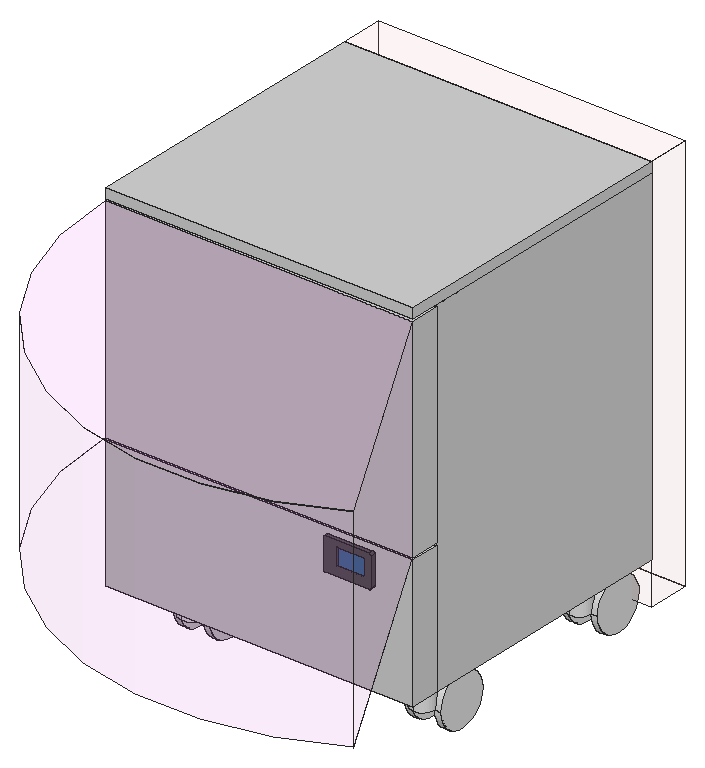
Revit family "Normann_ENTRY_ETR5A-R290", category Attrezzature speciali, Revit 2021 (continued)
Definition of nested family "Griglia_Entry_Lit"
  Lines and regions (mm)
    model lines, detail levels medium+fine
      curve 540: line (410.283, -186.002, 0) -> (410.283, -192.002, 0)
      curve 541: line (380.283, -194.602, 0) -> (410.283, -194.602, 0)
      curve 542: line (380.283, -200.602, 0) -> (380.283, -194.602, 0)
      curve 543: line (410.283, -200.602, 0) -> (380.283, -200.602, 0)
      curve 544: line (410.283, -194.602, 0) -> (410.283, -200.602, 0)
      curve 545: line (380.283, -203.202, 0) -> (410.283, -203.202, 0)
      curve 546: line (380.283, -209.202, 0) -> (380.283, -203.202, 0)
      curve 547: line (410.283, -209.202, 0) -> (380.283, -209.202, 0)
      curve 548: line (410.283, -203.202, 0) -> (410.283, -209.202, 0)
      curve 549: line (380.283, -211.802, 0) -> (410.283, -211.802, 0)
      curve 550: line (380.283, -217.802, 0) -> (380.283, -211.802, 0)
      curve 551: line (410.283, -217.802, 0) -> (380.283, -217.802, 0)
      curve 552: line (410.283, -211.802, 0) -> (410.283, -217.802, 0)
      curve 553: line (380.283, -220.402, 0) -> (410.283, -220.402, 0)
      curve 554: line (380.283, -226.402, 0) -> (380.283, -220.402, 0)
      curve 555: line (410.283, -226.402, 0) -> (380.283, -226.402, 0)
      curve 556: line (410.283, -220.402, 0) -> (410.283, -226.402, 0)
      curve 557: line (380.283, -229.002, 0) -> (410.283, -229.002, 0)
      curve 558: line (380.283, -235.002, 0) -> (380.283, -229.002, 0)
      curve 559: line (410.283, -235.002, 0) -> (380.283, -235.002, 0)
      curve 560: line (410.283, -229.002, 0) -> (410.283, -235.002, 0)
      curve 561: line (380.283, -237.602, 0) -> (410.283, -237.602, 0)
      curve 562: line (380.283, -243.602, 0) -> (380.283, -237.602, 0)
      curve 563: line (410.283, -243.602, 0) -> (380.283, -243.602, 0)
      curve 564: line (410.283, -237.602, 0) -> (410.283, -243.602, 0)
      curve 565: line (380.283, -246.202, 0) -> (410.283, -246.202, 0)
      curve 566: line (380.283, -252.202, 0) -> (380.283, -246.202, 0)
      curve 567: line (410.283, -252.202, 0) -> (380.283, -252.202, 0)
      curve 568: line (410.283, -246.202, 0) -> (410.283, -252.202, 0)
      curve 569: line (380.283, -254.802, 0) -> (410.283, -254.802, 0)
      curve 570: line (380.283, -260.802, 0) -> (380.283, -254.802, 0)
      curve 571: line (410.283, -260.802, 0) -> (380.283, -260.802, 0)
      curve 572: line (410.283, -254.802, 0) -> (410.283, -260.802, 0)
      curve 573: line (455.883, -134.402, 0) -> (485.883, -134.402, 0)
      curve 574: line (455.883, -140.402, 0) -> (455.883, -134.402, 0)
      curve 575: line (485.883, -140.402, 0) -> (455.883, -140.402, 0)
      curve 576: line (485.883, -134.402, 0) -> (485.883, -140.402, 0)
      curve 577: line (455.883, -143.002, 0) -> (485.883, -143.002, 0)
      curve 578: line (455.883, -149.002, 0) -> (455.883, -143.002, 0)
      curve 579: line (485.883, -149.002, 0) -> (455.883, -149.002, 0)
      curve 580: line (485.883, -143.002, 0) -> (485.883, -149.002, 0)
      curve 581: line (455.883, -151.602, 0) -> (485.883, -151.602, 0)
      curve 582: line (455.883, -157.602, 0) -> (455.883, -151.602, 0)
      curve 583: line (485.883, -157.602, 0) -> (455.883, -157.602, 0)
      curve 584: line (485.883, -151.602, 0) -> (485.883, -157.602, 0)
      curve 585: line (455.883, -160.202, 0) -> (485.883, -160.202, 0)
      curve 586: line (455.883, -166.202, 0) -> (455.883, -160.202, 0)
      curve 587: line (485.883, -166.202, 0) -> (455.883, -166.202, 0)
      curve 588: line (485.883, -160.202, 0) -> (485.883, -166.202, 0)
      curve 589: line (455.883, -168.802, 0) -> (485.883, -168.802, 0)
      curve 590: line (455.883, -174.802, 0) -> (455.883, -168.802, 0)
      curve 591: line (485.883, -174.802, 0) -> (455.883, -174.802, 0)
      curve 592: line (485.883, -168.802, 0) -> (485.883, -174.802, 0)
      curve 593: line (455.883, -177.402, 0) -> (485.883, -177.402, 0)
      curve 594: line (455.883, -183.402, 0) -> (455.883, -177.402, 0)
      curve 595: line (485.883, -183.402, 0) -> (455.883, -183.402, 0)
      curve 596: line (485.883, -177.402, 0) -> (485.883, -183.402, 0)
      curve 597: line (455.883, -186.002, 0) -> (485.883, -186.002, 0)
      curve 598: line (455.883, -192.002, 0) -> (455.883, -186.002, 0)
      curve 599: line (485.883, -192.002, 0) -> (455.883, -192.002, 0)
      curve 600: line (485.883, -186.002, 0) -> (485.883, -192.002, 0)
      curve 601: line (455.883, -194.602, 0) -> (485.883, -194.602, 0)
      curve 602: line (455.883, -200.602, 0) -> (455.883, -194.602, 0)
      curve 603: line (485.883, -200.602, 0) -> (455.883, -200.602, 0)
      curve 604: line (485.883, -194.602, 0) -> (485.883, -200.602, 0)
      curve 605: line (455.883, -203.202, 0) -> (485.883, -203.202, 0)
      curve 606: line (455.883, -209.202, 0) -> (455.883, -203.202, 0)
      curve 607: line (485.883, -209.202, 0) -> (455.883, -209.202, 0)
      curve 608: line (485.883, -203.202, 0) -> (485.883, -209.202, 0)
      curve 609: line (455.883, -211.802, 0) -> (485.883, -211.802, 0)
      curve 610: line (455.883, -217.802, 0) -> (455.883, -211.802, 0)
      curve 611: line (485.883, -217.802, 0) -> (455.883, -217.802, 0)
      curve 612: line (485.883, -211.802, 0) -> (485.883, -217.802, 0)
      curve 613: line (455.883, -220.402, 0) -> (485.883, -220.402, 0)
      curve 614: line (455.883, -226.402, 0) -> (455.883, -220.402, 0)
      curve 615: line (485.883, -226.402, 0) -> (455.883, -226.402, 0)
      curve 616: line (485.883, -220.402, 0) -> (485.883, -226.402, 0)
      curve 617: line (455.883, -229.002, 0) -> (485.883, -229.002, 0)
      curve 618: line (455.883, -235.002, 0) -> (455.883, -229.002, 0)
      curve 619: line (485.883, -235.002, 0) -> (455.883, -235.002, 0)
      curve 620: line (485.883, -229.002, 0) -> (485.883, -235.002, 0)
      curve 621: line (455.883, -237.602, 0) -> (485.883, -237.602, 0)
      curve 622: line (455.883, -243.602, 0) -> (455.883, -237.602, 0)
      curve 623: line (485.883, -243.602, 0) -> (455.883, -243.602, 0)
      curve 624: line (485.883, -237.602, 0) -> (485.883, -243.602, 0)
      curve 625: line (455.883, -246.202, 0) -> (485.883, -246.202, 0)
      curve 626: line (455.883, -252.202, 0) -> (455.883, -246.202, 0)
      curve 627: line (485.883, -252.202, 0) -> (455.883, -252.202, 0)
      curve 628: line (485.883, -246.202, 0) -> (485.883, -252.202, 0)
      curve 629: line (455.883, -254.802, 0) -> (485.883, -254.802, 0)
      curve 630: line (455.883, -260.802, 0) -> (455.883, -254.802, 0)
      curve 631: line (485.883, -260.802, 0) -> (455.883, -260.802, 0)
      curve 632: line (485.883, -254.802, 0) -> (485.883, -260.802, 0)
      curve 633: line (530.883, -134.402, 0) -> (560.883, -134.402, 0)
      curve 634: line (530.883, -140.402, 0) -> (530.883, -134.402, 0)
      curve 635: line (560.883, -140.402, 0) -> (530.883, -140.402, 0)
      curve 636: line (560.883, -134.402, 0) -> (560.883, -140.402, 0)
      curve 637: line (530.883, -143.002, 0) -> (560.883, -143.002, 0)
      curve 638: line (530.883, -149.002, 0) -> (530.883, -143.002, 0)
      curve 639: line (560.883, -149.002, 0) -> (530.883, -149.002, 0)
      curve 640: line (560.883, -143.002, 0) -> (560.883, -149.002, 0)
      curve 641: line (530.883, -151.602, 0) -> (560.883, -151.602, 0)
      curve 642: line (530.883, -157.602, 0) -> (530.883, -151.602, 0)
      curve 643: line (560.883, -157.602, 0) -> (530.883, -157.602, 0)
      curve 644: line (560.883, -151.602, 0) -> (560.883, -157.602, 0)
      curve 645: line (530.883, -160.202, 0) -> (560.883, -160.202, 0)
      curve 646: line (530.883, -166.202, 0) -> (530.883, -160.202, 0)
      curve 647: line (560.883, -166.202, 0) -> (530.883, -166.202, 0)
      curve 648: line (560.883, -160.202, 0) -> (560.883, -166.202, 0)
      curve 649: line (530.883, -168.802, 0) -> (560.883, -168.802, 0)
      curve 650: line (530.883, -174.802, 0) -> (530.883, -168.802, 0)
      curve 651: line (560.883, -174.802, 0) -> (530.883, -174.802, 0)
      curve 652: line (560.883, -168.802, 0) -> (560.883, -174.802, 0)
      curve 653: line (530.883, -177.402, 0) -> (560.883, -177.402, 0)
      curve 654: line (530.883, -183.402, 0) -> (530.883, -177.402, 0)
      curve 655: line (560.883, -183.402, 0) -> (530.883, -183.402, 0)
      curve 656: line (560.883, -177.402, 0) -> (560.883, -183.402, 0)
      curve 657: line (530.883, -186.002, 0) -> (560.883, -186.002, 0)
      curve 658: line (530.883, -192.002, 0) -> (530.883, -186.002, 0)
      curve 659: line (560.883, -192.002, 0) -> (530.883, -192.002, 0)
      curve 660: line (560.883, -186.002, 0) -> (560.883, -192.002, 0)
      curve 661: line (530.883, -194.602, 0) -> (560.883, -194.602, 0)
      curve 662: line (530.883, -200.602, 0) -> (530.883, -194.602, 0)
      curve 663: line (560.883, -200.602, 0) -> (530.883, -200.602, 0)
      curve 664: line (560.883, -194.602, 0) -> (560.883, -200.602, 0)
      curve 665: line (530.883, -203.202, 0) -> (560.883, -203.202, 0)
      curve 666: line (530.883, -209.202, 0) -> (530.883, -203.202, 0)
      curve 667: line (560.883, -209.202, 0) -> (530.883, -209.202, 0)
      curve 668: line (560.883, -203.202, 0) -> (560.883, -209.202, 0)
      curve 669: line (530.883, -211.802, 0) -> (560.883, -211.802, 0)
      curve 670: line (530.883, -217.802, 0) -> (530.883, -211.802, 0)
      curve 671: line (560.883, -217.802, 0) -> (530.883, -217.802, 0)
      curve 672: line (560.883, -211.802, 0) -> (560.883, -217.802, 0)
      curve 673: line (530.883, -220.402, 0) -> (560.883, -220.402, 0)
      curve 674: line (530.883, -226.402, 0) -> (530.883, -220.402, 0)
      curve 675: line (560.883, -226.402, 0) -> (530.883, -226.402, 0)
      curve 676: line (560.883, -220.402, 0) -> (560.883, -226.402, 0)
      curve 677: line (530.883, -229.002, 0) -> (560.883, -229.002, 0)
      curve 678: line (530.883, -235.002, 0) -> (530.883, -229.002, 0)
      curve 679: line (560.883, -235.002, 0) -> (530.883, -235.002, 0)
      curve 680: line (560.883, -229.002, 0) -> (560.883, -235.002, 0)
      curve 681: line (530.883, -237.602, 0) -> (560.883, -237.602, 0)
      curve 682: line (530.883, -243.602, 0) -> (530.883, -237.602, 0)
      curve 683: line (560.883, -243.602, 0) -> (530.883, -243.602, 0)
      curve 684: line (560.883, -237.602, 0) -> (560.883, -243.602, 0)
      curve 685: line (530.883, -246.202, 0) -> (560.883, -246.202, 0)
      curve 686: line (530.883, -252.202, 0) -> (530.883, -246.202, 0)
      curve 687: line (560.883, -252.202, 0) -> (530.883, -252.202, 0)
      curve 688: line (560.883, -246.202, 0) -> (560.883, -252.202, 0)
      curve 689: line (530.883, -254.802, 0) -> (560.883, -254.802, 0)
      curve 690: line (530.883, -260.802, 0) -> (530.883, -254.802, 0)
      curve 691: line (560.883, -260.802, 0) -> (530.883, -260.802, 0)
      curve 692: line (560.883, -254.802, 0) -> (560.883, -260.802, 0)
      curve 693: line (605.883, -134.402, 0) -> (635.883, -134.402, 0)
      curve 694: line (605.883, -140.402, 0) -> (605.883, -134.402, 0)
      curve 695: line (635.883, -140.402, 0) -> (605.883, -140.402, 0)
      curve 696: line (635.883, -134.402, 0) -> (635.883, -140.402, 0)
      curve 697: line (605.883, -143.002, 0) -> (635.883, -143.002, 0)
      curve 698: line (605.883, -149.002, 0) -> (605.883, -143.002, 0)
      curve 699: line (635.883, -149.002, 0) -> (605.883, -149.002, 0)
      curve 700: line (635.883, -143.002, 0) -> (635.883, -149.002, 0)
      curve 701: line (605.883, -151.602, 0) -> (635.883, -151.602, 0)
      curve 702: line (605.883, -157.602, 0) -> (605.883, -151.602, 0)
      curve 703: line (635.883, -157.602, 0) -> (605.883, -157.602, 0)
      curve 704: line (635.883, -151.602, 0) -> (635.883, -157.602, 0)
      curve 705: line (605.883, -160.202, 0) -> (635.883, -160.202, 0)
      curve 706: line (605.883, -166.202, 0) -> (605.883, -160.202, 0)
      curve 707: line (635.883, -166.202, 0) -> (605.883, -166.202, 0)
      curve 708: line (635.883, -160.202, 0) -> (635.883, -166.202, 0)
      curve 709: line (605.883, -168.802, 0) -> (635.883, -168.802, 0)
      curve 710: line (605.883, -174.802, 0) -> (605.883, -168.802, 0)
      curve 711: line (635.883, -174.802, 0) -> (605.883, -174.802, 0)
      curve 712: line (635.883, -168.802, 0) -> (635.883, -174.802, 0)
      curve 713: line (605.883, -177.402, 0) -> (635.883, -177.402, 0)
      curve 714: line (605.883, -183.402, 0) -> (605.883, -177.402, 0)
      curve 715: line (635.883, -183.402, 0) -> (605.883, -183.402, 0)
      curve 716: line (635.883, -177.402, 0) -> (635.883, -183.402, 0)
      curve 717: line (605.883, -186.002, 0) -> (635.883, -186.002, 0)
      curve 718: line (605.883, -192.002, 0) -> (605.883, -186.002, 0)
      curve 719: line (635.883, -192.002, 0) -> (605.883, -192.002, 0)
      curve 720: line (635.883, -186.002, 0) -> (635.883, -192.002, 0)
      curve 721: line (605.883, -194.602, 0) -> (635.883, -194.602, 0)
      curve 722: line (605.883, -200.602, 0) -> (605.883, -194.602, 0)
      curve 723: line (635.883, -200.602, 0) -> (605.883, -200.602, 0)
      curve 724: line (635.883, -194.602, 0) -> (635.883, -200.602, 0)
      curve 725: line (605.883, -203.202, 0) -> (635.883, -203.202, 0)
      curve 726: line (605.883, -209.202, 0) -> (605.883, -203.202, 0)
      curve 727: line (635.883, -209.202, 0) -> (605.883, -209.202, 0)
      curve 728: line (635.883, -203.202, 0) -> (635.883, -209.202, 0)
      curve 729: line (605.883, -211.802, 0) -> (635.883, -211.802, 0)
      curve 730: line (605.883, -217.802, 0) -> (605.883, -211.802, 0)
      curve 731: line (635.883, -217.802, 0) -> (605.883, -217.802, 0)
      curve 732: line (635.883, -211.802, 0) -> (635.883, -217.802, 0)
      curve 733: line (605.883, -220.402, 0) -> (635.883, -220.402, 0)
      curve 734: line (605.883, -226.402, 0) -> (605.883, -220.402, 0)
      curve 735: line (635.883, -226.402, 0) -> (605.883, -226.402, 0)
      curve 736: line (635.883, -220.402, 0) -> (635.883, -226.402, 0)
      curve 737: line (605.883, -229.002, 0) -> (635.883, -229.002, 0)
      curve 738: line (605.883, -235.002, 0) -> (605.883, -229.002, 0)
      curve 739: line (635.883, -235.002, 0) -> (605.883, -235.002, 0)
      curve 740: line (635.883, -229.002, 0) -> (635.883, -235.002, 0)
      curve 741: line (605.883, -237.602, 0) -> (635.883, -237.602, 0)
      curve 742: line (605.883, -243.602, 0) -> (605.883, -237.602, 0)
      curve 743: line (635.883, -243.602, 0) -> (605.883, -243.602, 0)
      curve 744: line (635.883, -237.602, 0) -> (635.883, -243.602, 0)
      curve 745: line (605.883, -246.202, 0) -> (635.883, -246.202, 0)
      curve 746: line (605.883, -252.202, 0) -> (605.883, -246.202, 0)
      curve 747: line (635.883, -252.202, 0) -> (605.883, -252.202, 0)
      curve 748: line (635.883, -246.202, 0) -> (635.883, -252.202, 0)
      curve 749: line (605.883, -254.802, 0) -> (635.883, -254.802, 0)
      curve 750: line (605.883, -260.802, 0) -> (605.883, -254.802, 0)
      curve 751: line (635.883, -260.802, 0) -> (605.883, -260.802, 0)
      curve 752: line (635.883, -254.802, 0) -> (635.883, -260.802, 0)
      curve 753: line (194.683, -57.762, 0) -> (194.683, -27.762, 0)
      curve 754: line (200.683, -57.762, 0) -> (194.683, -57.762, 0)
      curve 755: line (200.683, -27.762, 0) -> (200.683, -57.762, 0)
      curve 756: line (194.683, -27.762, 0) -> (200.683, -27.762, 0)
      curve 757: line (194.683, -90.842, 0) -> (194.683, -60.842, 0)
      curve 758: line (200.683, -90.842, 0) -> (194.683, -90.842, 0)
      curve 759: line (200.683, -60.842, 0) -> (200.683, -90.842, 0)
      curve 760: line (194.683, -60.842, 0) -> (200.683, -60.842, 0)
      curve 761: line (194.683, -123.922, 0) -> (194.683, -93.922, 0)
      curve 762: line (200.683, -123.922, 0) -> (194.683, -123.922, 0)
      curve 763: line (200.683, -93.922, 0) -> (200.683, -123.922, 0)
      curve 764: line (194.683, -93.922, 0) -> (200.683, -93.922, 0)
      curve 765: line (194.683, -157.002, 0) -> (194.683, -127.002, 0)
      curve 766: line (200.683, -157.002, 0) -> (194.683, -157.002, 0)
      curve 767: line (200.683, -127.002, 0) -> (200.683, -157.002, 0)
      curve 768: line (194.683, -127.002, 0) -> (200.683, -127.002, 0)
      curve 769: line (194.683, -190.082, 0) -> (194.683, -160.082, 0)
      curve 770: line (200.683, -190.082, 0) -> (194.683, -190.082, 0)
      curve 771: line (200.683, -160.082, 0) -> (200.683, -190.082, 0)
      curve 772: line (194.683, -160.082, 0) -> (200.683, -160.082, 0)
      curve 773: line (194.683, -223.162, 0) -> (194.683, -193.162, 0)
      curve 774: line (200.683, -223.162, 0) -> (194.683, -223.162, 0)
      curve 775: line (200.683, -193.162, 0) -> (200.683, -223.162, 0)
      curve 776: line (194.683, -193.162, 0) -> (200.683, -193.162, 0)
      curve 777: line (194.683, -256.242, 0) -> (194.683, -226.242, 0)
      curve 778: line (200.683, -256.242, 0) -> (194.683, -256.242, 0)
      curve 779: line (200.683, -226.242, 0) -> (200.683, -256.242, 0)
      curve 780: line (194.683, -226.242, 0) -> (200.683, -226.242, 0)
      curve 781: line (136.326, -57.762, 0) -> (136.326, -27.762, 0)
      curve 782: line (142.326, -57.762, 0) -> (136.326, -57.762, 0)
      curve 783: line (142.326, -27.762, 0) -> (142.326, -57.762, 0)
      curve 784: line (136.326, -27.762, 0) -> (142.326, -27.762, 0)
      curve 785: line (136.326, -90.842, 0) -> (136.326, -60.842, 0)
      curve 786: line (142.326, -90.842, 0) -> (136.326, -90.842, 0)
      curve 787: line (142.326, -60.842, 0) -> (142.326, -90.842, 0)
      curve 788: line (136.326, -60.842, 0) -> (142.326, -60.842, 0)
      curve 789: line (136.326, -123.922, 0) -> (136.326, -93.922, 0)
      curve 790: line (142.326, -123.922, 0) -> (136.326, -123.922, 0)
      curve 791: line (142.326, -93.922, 0) -> (142.326, -123.922, 0)
      curve 792: line (136.326, -93.922, 0) -> (142.326, -93.922, 0)
      curve 793: line (136.326, -157.002, 0) -> (136.326, -127.002, 0)
      curve 794: line (142.326, -157.002, 0) -> (136.326, -157.002, 0)
      curve 795: line (142.326, -127.002, 0) -> (142.326, -157.002, 0)
      curve 796: line (136.326, -127.002, 0) -> (142.326, -127.002, 0)
      curve 797: line (136.326, -190.082, 0) -> (136.326, -160.082, 0)
      curve 798: line (142.326, -190.082, 0) -> (136.326, -190.082, 0)
      curve 799: line (142.326, -160.082, 0) -> (142.326, -190.082, 0)
      curve 800: line (136.326, -160.082, 0) -> (142.326, -160.082, 0)
      curve 801: line (136.326, -223.162, 0) -> (136.326, -193.162, 0)
      curve 802: line (142.326, -223.162, 0) -> (136.326, -223.162, 0)
      curve 803: line (142.326, -193.162, 0) -> (142.326, -223.162, 0)
      curve 804: line (136.326, -193.162, 0) -> (142.326, -193.162, 0)
      curve 805: line (136.326, -256.242, 0) -> (136.326, -226.242, 0)
      curve 806: line (142.326, -256.242, 0) -> (136.326, -256.242, 0)
      curve 807: line (142.326, -226.242, 0) -> (142.326, -256.242, 0)
      curve 808: line (136.326, -226.242, 0) -> (142.326, -226.242, 0)
      curve 809: line (203.283, -57.762, 0) -> (203.283, -27.762, 0)
      curve 810: line (209.283, -57.762, 0) -> (203.283, -57.762, 0)
      curve 811: line (209.283, -27.762, 0) -> (209.283, -57.762, 0)
      curve 812: line (203.283, -27.762, 0) -> (209.283, -27.762, 0)
      curve 813: line (203.283, -90.842, 0) -> (203.283, -60.842, 0)
      curve 814: line (209.283, -90.842, 0) -> (203.283, -90.842, 0)
      curve 815: line (209.283, -60.842, 0) -> (209.283, -90.842, 0)
      curve 816: line (203.283, -60.842, 0) -> (209.283, -60.842, 0)
      curve 817: line (203.283, -123.922, 0) -> (203.283, -93.922, 0)
      curve 818: line (209.283, -123.922, 0) -> (203.283, -123.922, 0)
      curve 819: line (209.283, -93.922, 0) -> (209.283, -123.922, 0)
      curve 820: line (203.283, -93.922, 0) -> (209.283, -93.922, 0)
      curve 821: line (203.283, -157.002, 0) -> (203.283, -127.002, 0)
      curve 822: line (209.283, -157.002, 0) -> (203.283, -157.002, 0)
      curve 823: line (209.283, -127.002, 0) -> (209.283, -157.002, 0)
      curve 824: line (203.283, -127.002, 0) -> (209.283, -127.002, 0)
      curve 825: line (203.283, -190.082, 0) -> (203.283, -160.082, 0)
      curve 826: line (209.283, -190.082, 0) -> (203.283, -190.082, 0)
      curve 827: line (209.283, -160.082, 0) -> (209.283, -190.082, 0)
      curve 828: line (203.283, -160.082, 0) -> (209.283, -160.082, 0)
      curve 829: line (203.283, -223.162, 0) -> (203.283, -193.162, 0)
      curve 830: line (209.283, -223.162, 0) -> (203.283, -223.162, 0)
      curve 831: line (209.283, -193.162, 0) -> (209.283, -223.162, 0)
      curve 832: line (203.283, -193.162, 0) -> (209.283, -193.162, 0)
      curve 833: line (203.283, -256.242, 0) -> (203.283, -226.242, 0)
      curve 834: line (209.283, -256.242, 0) -> (203.283, -256.242, 0)
      curve 835: line (209.283, -226.242, 0) -> (209.283, -256.242, 0)
      curve 836: line (203.283, -226.242, 0) -> (209.283, -226.242, 0)
      curve 837: line (211.883, -57.762, 0) -> (211.883, -27.762, 0)
      curve 838: line (217.883, -57.762, 0) -> (211.883, -57.762, 0)
      curve 839: line (217.883, -27.762, 0) -> (217.883, -57.762, 0)
      curve 840: line (211.883, -27.762, 0) -> (217.883, -27.762, 0)
      curve 841: line (211.883, -90.842, 0) -> (211.883, -60.842, 0)
      curve 842: line (217.883, -90.842, 0) -> (211.883, -90.842, 0)
      curve 843: line (217.883, -60.842, 0) -> (217.883, -90.842, 0)
      curve 844: line (211.883, -60.842, 0) -> (217.883, -60.842, 0)
      curve 845: line (211.883, -123.922, 0) -> (211.883, -93.922, 0)
      curve 846: line (217.883, -123.922, 0) -> (211.883, -123.922, 0)
      curve 847: line (217.883, -93.922, 0) -> (217.883, -123.922, 0)
      curve 848: line (211.883, -93.922, 0) -> (217.883, -93.922, 0)
      curve 849: line (211.883, -157.002, 0) -> (211.883, -127.002, 0)
      curve 850: line (217.883, -157.002, 0) -> (211.883, -157.002, 0)
      curve 851: line (217.883, -127.002, 0) -> (217.883, -157.002, 0)
      curve 852: line (211.883, -127.002, 0) -> (217.883, -127.002, 0)
      curve 853: line (211.883, -190.082, 0) -> (211.883, -160.082, 0)
      curve 854: line (217.883, -190.082, 0) -> (211.883, -190.082, 0)
      curve 855: line (217.883, -160.082, 0) -> (217.883, -190.082, 0)
      curve 856: line (211.883, -160.082, 0) -> (217.883, -160.082, 0)
      curve 857: line (211.883, -223.162, 0) -> (211.883, -193.162, 0)
      curve 858: line (217.883, -223.162, 0) -> (211.883, -223.162, 0)
      curve 859: line (217.883, -193.162, 0) -> (217.883, -223.162, 0)
      curve 860: line (211.883, -193.162, 0) -> (217.883, -193.162, 0)
      curve 861: line (211.883, -256.242, 0) -> (211.883, -226.242, 0)
      curve 862: line (217.883, -256.242, 0) -> (211.883, -256.242, 0)
      curve 863: line (217.883, -226.242, 0) -> (217.883, -256.242, 0)
      curve 864: line (211.883, -226.242, 0) -> (217.883, -226.242, 0)
      curve 865: line (220.483, -57.762, 0) -> (220.483, -27.762, 0)
      curve 866: line (226.483, -57.762, 0) -> (220.483, -57.762, 0)
      curve 867: line (226.483, -27.762, 0) -> (226.483, -57.762, 0)
      curve 868: line (220.483, -27.762, 0) -> (226.483, -27.762, 0)
      curve 869: line (220.483, -90.842, 0) -> (220.483, -60.842, 0)
      curve 870: line (226.483, -90.842, 0) -> (220.483, -90.842, 0)
      curve 871: line (226.483, -60.842, 0) -> (226.483, -90.842, 0)
      curve 872: line (220.483, -60.842, 0) -> (226.483, -60.842, 0)
      curve 873: line (220.483, -123.922, 0) -> (220.483, -93.922, 0)
      curve 874: line (226.483, -123.922, 0) -> (220.483, -123.922, 0)
      curve 875: line (226.483, -93.922, 0) -> (226.483, -123.922, 0)
      curve 876: line (220.483, -93.922, 0) -> (226.483, -93.922, 0)
      curve 877: line (220.483, -157.002, 0) -> (220.483, -127.002, 0)
      curve 878: line (226.483, -157.002, 0) -> (220.483, -157.002, 0)
      curve 879: line (226.483, -127.002, 0) -> (226.483, -157.002, 0)
      curve 880: line (220.483, -127.002, 0) -> (226.483, -127.002, 0)
      curve 881: line (220.483, -190.082, 0) -> (220.483, -160.082, 0)
      curve 882: line (226.483, -190.082, 0) -> (220.483, -190.082, 0)
      curve 883: line (226.483, -160.082, 0) -> (226.483, -190.082, 0)
      curve 884: line (220.483, -160.082, 0) -> (226.483, -160.082, 0)
      curve 885: line (220.483, -223.162, 0) -> (220.483, -193.162, 0)
      curve 886: line (226.483, -223.162, 0) -> (220.483, -223.162, 0)
      curve 887: line (226.483, -193.162, 0) -> (226.483, -223.162, 0)
      curve 888: line (220.483, -193.162, 0) -> (226.483, -193.162, 0)
      curve 889: line (220.483, -256.242, 0) -> (220.483, -226.242, 0)
      curve 890: line (226.483, -256.242, 0) -> (220.483, -256.242, 0)
      curve 891: line (226.483, -226.242, 0) -> (226.483, -256.242, 0)
      curve 892: line (220.483, -226.242, 0) -> (226.483, -226.242, 0)
      curve 893: line (127.726, -57.762, 0) -> (127.726, -27.762, 0)
      curve 894: line (133.726, -57.762, 0) -> (127.726, -57.762, 0)
      curve 895: line (133.726, -27.762, 0) -> (133.726, -57.762, 0)
      curve 896: line (127.726, -27.762, 0) -> (133.726, -27.762, 0)
      curve 897: line (127.726, -90.842, 0) -> (127.726, -60.842, 0)
      curve 898: line (133.726, -90.842, 0) -> (127.726, -90.842, 0)
      curve 899: line (133.726, -60.842, 0) -> (133.726, -90.842, 0)
      curve 900: line (127.726, -60.842, 0) -> (133.726, -60.842, 0)
      curve 901: line (127.726, -123.922, 0) -> (127.726, -93.922, 0)
      curve 902: line (133.726, -123.922, 0) -> (127.726, -123.922, 0)
      curve 903: line (133.726, -93.922, 0) -> (133.726, -123.922, 0)
      curve 904: line (127.726, -93.922, 0) -> (133.726, -93.922, 0)
      curve 905: line (127.726, -157.002, 0) -> (127.726, -127.002, 0)
      curve 906: line (133.726, -157.002, 0) -> (127.726, -157.002, 0)
      curve 907: line (133.726, -127.002, 0) -> (133.726, -157.002, 0)
      curve 908: line (127.726, -127.002, 0) -> (133.726, -127.002, 0)
      curve 909: line (127.726, -190.082, 0) -> (127.726, -160.082, 0)
      curve 910: line (133.726, -190.082, 0) -> (127.726, -190.082, 0)
      curve 911: line (133.726, -160.082, 0) -> (133.726, -190.082, 0)
      curve 912: line (127.726, -160.082, 0) -> (133.726, -160.082, 0)
      curve 913: line (127.726, -223.162, 0) -> (127.726, -193.162, 0)
      curve 914: line (133.726, -223.162, 0) -> (127.726, -223.162, 0)
      curve 915: line (133.726, -193.162, 0) -> (133.726, -223.162, 0)
      curve 916: line (127.726, -193.162, 0) -> (133.726, -193.162, 0)
      curve 917: line (127.726, -256.242, 0) -> (127.726, -226.242, 0)
      curve 918: line (133.726, -256.242, 0) -> (127.726, -256.242, 0)
      curve 919: line (133.726, -226.242, 0) -> (133.726, -256.242, 0)
      curve 920: line (127.726, -226.242, 0) -> (133.726, -226.242, 0)
      curve 921: line (119.126, -57.762, 0) -> (119.126, -27.762, 0)
      curve 922: line (125.126, -57.762, 0) -> (119.126, -57.762, 0)
      curve 923: line (125.126, -27.762, 0) -> (125.126, -57.762, 0)
      curve 924: line (119.126, -27.762, 0) -> (125.126, -27.762, 0)
      curve 925: line (119.126, -90.842, 0) -> (119.126, -60.842, 0)
      curve 926: line (125.126, -90.842, 0) -> (119.126, -90.842, 0)
      curve 927: line (125.126, -60.842, 0) -> (125.126, -90.842, 0)
      curve 928: line (119.126, -60.842, 0) -> (125.126, -60.842, 0)
      curve 929: line (119.126, -123.922, 0) -> (119.126, -93.922, 0)
      curve 930: line (125.126, -123.922, 0) -> (119.126, -123.922, 0)
      curve 931: line (125.126, -93.922, 0) -> (125.126, -123.922, 0)
      curve 932: line (119.126, -93.922, 0) -> (125.126, -93.922, 0)
      curve 933: line (119.126, -157.002, 0) -> (119.126, -127.002, 0)
      curve 934: line (125.126, -157.002, 0) -> (119.126, -157.002, 0)
      curve 935: line (125.126, -127.002, 0) -> (125.126, -157.002, 0)
      curve 936: line (119.126, -127.002, 0) -> (125.126, -127.002, 0)
      curve 937: line (119.126, -190.082, 0) -> (119.126, -160.082, 0)
      curve 938: line (125.126, -190.082, 0) -> (119.126, -190.082, 0)
      curve 939: line (125.126, -160.082, 0) -> (125.126, -190.082, 0)
      curve 940: line (119.126, -160.082, 0) -> (125.126, -160.082, 0)
      curve 941: line (119.126, -223.162, 0) -> (119.126, -193.162, 0)
      curve 942: line (125.126, -223.162, 0) -> (119.126, -223.162, 0)
      curve 943: line (125.126, -193.162, 0) -> (125.126, -223.162, 0)
      curve 944: line (119.126, -193.162, 0) -> (125.126, -193.162, 0)
      curve 945: line (119.126, -256.242, 0) -> (119.126, -226.242, 0)
      curve 946: line (125.126, -256.242, 0) -> (119.126, -256.242, 0)
      curve 947: line (125.126, -226.242, 0) -> (125.126, -256.242, 0)
      curve 948: line (119.126, -226.242, 0) -> (125.126, -226.242, 0)
      curve 949: line (110.526, -57.762, 0) -> (110.526, -27.762, 0)
      curve 950: line (116.526, -57.762, 0) -> (110.526, -57.762, 0)
      curve 951: line (116.526, -27.762, 0) -> (116.526, -57.762, 0)
      curve 952: line (110.526, -27.762, 0) -> (116.526, -27.762, 0)
      curve 953: line (110.526, -90.842, 0) -> (110.526, -60.842, 0)
      curve 954: line (116.526, -90.842, 0) -> (110.526, -90.842, 0)
      curve 955: line (116.526, -60.842, 0) -> (116.526, -90.842, 0)
      curve 956: line (110.526, -60.842, 0) -> (116.526, -60.842, 0)
      curve 957: line (110.526, -123.922, 0) -> (110.526, -93.922, 0)
      curve 958: line (116.526, -123.922, 0) -> (110.526, -123.922, 0)
      curve 959: line (116.526, -93.922, 0) -> (116.526, -123.922, 0)
      curve 960: line (110.526, -93.922, 0) -> (116.526, -93.922, 0)
      curve 961: line (110.526, -157.002, 0) -> (110.526, -127.002, 0)
      curve 962: line (116.526, -157.002, 0) -> (110.526, -157.002, 0)
      curve 963: line (116.526, -127.002, 0) -> (116.526, -157.002, 0)
      curve 964: line (110.526, -127.002, 0) -> (116.526, -127.002, 0)
      curve 965: line (110.526, -190.082, 0) -> (110.526, -160.082, 0)
      curve 966: line (116.526, -190.082, 0) -> (110.526, -190.082, 0)
      curve 967: line (116.526, -160.082, 0) -> (116.526, -190.082, 0)
      curve 968: line (110.526, -160.082, 0) -> (116.526, -160.082, 0)
      curve 969: line (110.526, -223.162, 0) -> (110.526, -193.162, 0)
      curve 970: line (116.526, -223.162, 0) -> (110.526, -223.162, 0)
      curve 971: line (116.526, -193.162, 0) -> (116.526, -223.162, 0)
      curve 972: line (110.526, -193.162, 0) -> (116.526, -193.162, 0)
      curve 973: line (110.526, -256.242, 0) -> (110.526, -226.242, 0)
      curve 974: line (116.526, -256.242, 0) -> (110.526, -256.242, 0)
      curve 975: line (116.526, -226.242, 0) -> (116.526, -256.242, 0)
      curve 976: line (110.526, -226.242, 0) -> (116.526, -226.242, 0)
      curve 977: line (144.878, -57.762, 0) -> (144.878, -27.762, 0)
      curve 978: line (150.878, -57.762, 0) -> (144.878, -57.762, 0)
      curve 979: line (150.878, -27.762, 0) -> (150.878, -57.762, 0)
      curve 980: line (144.878, -27.762, 0) -> (150.878, -27.762, 0)
      curve 981: line (144.878, -90.842, 0) -> (144.878, -60.842, 0)
      curve 982: line (150.878, -90.842, 0) -> (144.878, -90.842, 0)
      curve 983: line (150.878, -60.842, 0) -> (150.878, -90.842, 0)
      curve 984: line (144.878, -60.842, 0) -> (150.878, -60.842, 0)
      curve 985: line (144.878, -123.922, 0) -> (144.878, -93.922, 0)
      curve 986: line (150.878, -123.922, 0) -> (144.878, -123.922, 0)
      curve 987: line (150.878, -93.922, 0) -> (150.878, -123.922, 0)
      curve 988: line (144.878, -93.922, 0) -> (150.878, -93.922, 0)
      curve 989: line (144.878, -157.002, 0) -> (144.878, -127.002, 0)
      curve 990: line (150.878, -157.002, 0) -> (144.878, -157.002, 0)
      curve 991: line (150.878, -127.002, 0) -> (150.878, -157.002, 0)
      curve 992: line (144.878, -127.002, 0) -> (150.878, -127.002, 0)
      curve 993: line (144.878, -190.082, 0) -> (144.878, -160.082, 0)
      curve 994: line (150.878, -190.082, 0) -> (144.878, -190.082, 0)
      curve 995: line (150.878, -160.082, 0) -> (150.878, -190.082, 0)
      curve 996: line (144.878, -160.082, 0) -> (150.878, -160.082, 0)
      curve 997: line (144.878, -223.162, 0) -> (144.878, -193.162, 0)
      curve 998: line (150.878, -223.162, 0) -> (144.878, -223.162, 0)
      curve 999: line (150.878, -193.162, 0) -> (150.878, -223.162, 0)
      curve 1000: line (144.878, -193.162, 0) -> (150.878, -193.162, 0)
      curve 1001: line (144.878, -256.242, 0) -> (144.878, -226.242, 0)
      curve 1002: line (150.878, -256.242, 0) -> (144.878, -256.242, 0)
      curve 1003: line (150.878, -226.242, 0) -> (150.878, -256.242, 0)
      curve 1004: line (144.878, -226.242, 0) -> (150.878, -226.242, 0)
      curve 1005: line (261.658, -57.762, 0) -> (261.658, -27.762, 0)
      curve 1006: line (267.658, -57.762, 0) -> (261.658, -57.762, 0)
      curve 1007: line (267.658, -27.762, 0) -> (267.658, -57.762, 0)
      curve 1008: line (261.658, -27.762, 0) -> (267.658, -27.762, 0)
      curve 1009: line (261.658, -90.842, 0) -> (261.658, -60.842, 0)
      curve 1010: line (267.658, -90.842, 0) -> (261.658, -90.842, 0)
      curve 1011: line (267.658, -60.842, 0) -> (267.658, -90.842, 0)
      curve 1012: line (261.658, -60.842, 0) -> (267.658, -60.842, 0)
      curve 1013: line (261.658, -123.922, 0) -> (261.658, -93.922, 0)
      curve 1014: line (267.658, -123.922, 0) -> (261.658, -123.922, 0)
      curve 1015: line (267.658, -93.922, 0) -> (267.658, -123.922, 0)
      curve 1016: line (261.658, -93.922, 0) -> (267.658, -93.922, 0)
      curve 1017: line (261.658, -157.002, 0) -> (261.658, -127.002, 0)
      curve 1018: line (267.658, -157.002, 0) -> (261.658, -157.002, 0)
      curve 1019: line (267.658, -127.002, 0) -> (267.658, -157.002, 0)
      curve 1020: line (261.658, -127.002, 0) -> (267.658, -127.002, 0)
      curve 1021: line (261.658, -190.082, 0) -> (261.658, -160.082, 0)
      curve 1022: line (267.658, -190.082, 0) -> (261.658, -190.082, 0)
      curve 1023: line (267.658, -160.082, 0) -> (267.658, -190.082, 0)
      curve 1024: line (261.658, -160.082, 0) -> (267.658, -160.082, 0)
      curve 1025: line (261.658, -223.162, 0) -> (261.658, -193.162, 0)
      curve 1026: line (267.658, -223.162, 0) -> (261.658, -223.162, 0)
      curve 1027: line (267.658, -193.162, 0) -> (267.658, -223.162, 0)
      curve 1028: line (261.658, -193.162, 0) -> (267.658, -193.162, 0)
      curve 1029: line (261.658, -256.242, 0) -> (261.658, -226.242, 0)
      curve 1030: line (267.658, -256.242, 0) -> (261.658, -256.242, 0)
      curve 1031: line (267.658, -226.242, 0) -> (267.658, -256.242, 0)
      curve 1032: line (261.658, -226.242, 0) -> (267.658, -226.242, 0)
      curve 1033: line (270.258, -57.762, 0) -> (270.258, -27.762, 0)
      curve 1034: line (276.258, -57.762, 0) -> (270.258, -57.762, 0)
      curve 1035: line (276.258, -27.762, 0) -> (276.258, -57.762, 0)
      curve 1036: line (270.258, -27.762, 0) -> (276.258, -27.762, 0)
      curve 1037: line (270.258, -90.842, 0) -> (270.258, -60.842, 0)
      curve 1038: line (276.258, -90.842, 0) -> (270.258, -90.842, 0)
      curve 1039: line (276.258, -60.842, 0) -> (276.258, -90.842, 0)
      curve 1040: line (270.258, -60.842, 0) -> (276.258, -60.842, 0)
      curve 1041: line (270.258, -123.922, 0) -> (270.258, -93.922, 0)
      curve 1042: line (276.258, -123.922, 0) -> (270.258, -123.922, 0)
      curve 1043: line (276.258, -93.922, 0) -> (276.258, -123.922, 0)
      curve 1044: line (270.258, -93.922, 0) -> (276.258, -93.922, 0)
      curve 1045: line (270.258, -157.002, 0) -> (270.258, -127.002, 0)
      curve 1046: line (276.258, -157.002, 0) -> (270.258, -157.002, 0)
      curve 1047: line (276.258, -127.002, 0) -> (276.258, -157.002, 0)
      curve 1048: line (270.258, -127.002, 0) -> (276.258, -127.002, 0)
      curve 1049: line (270.258, -190.082, 0) -> (270.258, -160.082, 0)
      curve 1050: line (276.258, -190.082, 0) -> (270.258, -190.082, 0)
      curve 1051: line (276.258, -160.082, 0) -> (276.258, -190.082, 0)
      curve 1052: line (270.258, -160.082, 0) -> (276.258, -160.082, 0)
      curve 1053: line (270.258, -223.162, 0) -> (270.258, -193.162, 0)
      curve 1054: line (276.258, -223.162, 0) -> (270.258, -223.162, 0)
      curve 1055: line (276.258, -193.162, 0) -> (276.258, -223.162, 0)
      curve 1056: line (270.258, -193.162, 0) -> (276.258, -193.162, 0)
      curve 1057: line (270.258, -256.242, 0) -> (270.258, -226.242, 0)
      curve 1058: line (276.258, -256.242, 0) -> (270.258, -256.242, 0)
      curve 1059: line (276.258, -226.242, 0) -> (276.258, -256.242, 0)
      curve 1060: line (270.258, -226.242, 0) -> (276.258, -226.242, 0)
      curve 1061: line (278.858, -57.762, 0) -> (278.858, -27.762, 0)
      curve 1062: line (284.858, -57.762, 0) -> (278.858, -57.762, 0)
      curve 1063: line (284.858, -27.762, 0) -> (284.858, -57.762, 0)
      curve 1064: line (278.858, -27.762, 0) -> (284.858, -27.762, 0)
      curve 1065: line (278.858, -90.842, 0) -> (278.858, -60.842, 0)
      curve 1066: line (284.858, -90.842, 0) -> (278.858, -90.842, 0)
      curve 1067: line (284.858, -60.842, 0) -> (284.858, -90.842, 0)
      curve 1068: line (278.858, -60.842, 0) -> (284.858, -60.842, 0)
      curve 1069: line (278.858, -123.922, 0) -> (278.858, -93.922, 0)
      curve 1070: line (284.858, -123.922, 0) -> (278.858, -123.922, 0)
      curve 1071: line (284.858, -93.922, 0) -> (284.858, -123.922, 0)
      curve 1072: line (278.858, -93.922, 0) -> (284.858, -93.922, 0)
      curve 1073: line (278.858, -157.002, 0) -> (278.858, -127.002, 0)
      curve 1074: line (284.858, -157.002, 0) -> (278.858, -157.002, 0)
      curve 1075: line (284.858, -127.002, 0) -> (284.858, -157.002, 0)
      curve 1076: line (278.858, -127.002, 0) -> (284.858, -127.002, 0)
      curve 1077: line (278.858, -190.082, 0) -> (278.858, -160.082, 0)
      curve 1078: line (284.858, -190.082, 0) -> (278.858, -190.082, 0)
      curve 1079: line (284.858, -160.082, 0) -> (284.858, -190.082, 0)
      curve 1080: line (278.858, -160.082, 0) -> (284.858, -160.082, 0)
      curve 1081: line (278.858, -223.162, 0) -> (278.858, -193.162, 0)
      curve 1082: line (284.858, -223.162, 0) -> (278.858, -223.162, 0)
      curve 1083: line (284.858, -193.162, 0) -> (284.858, -223.162, 0)
      curve 1084: line (278.858, -193.162, 0) -> (284.858, -193.162, 0)
      curve 1085: line (278.858, -256.242, 0) -> (278.858, -226.242, 0)
      curve 1086: line (284.858, -256.242, 0) -> (278.858, -256.242, 0)
      curve 1087: line (284.858, -226.242, 0) -> (284.858, -256.242, 0)
      curve 1088: line (278.858, -226.242, 0) -> (284.858, -226.242, 0)
      curve 1089: line (287.458, -57.762, 0) -> (287.458, -27.762, 0)
      curve 1090: line (293.458, -57.762, 0) -> (287.458, -57.762, 0)
      curve 1091: line (293.458, -27.762, 0) -> (293.458, -57.762, 0)
      curve 1092: line (287.458, -27.762, 0) -> (293.458, -27.762, 0)
      curve 1093: line (287.458, -90.842, 0) -> (287.458, -60.842, 0)
      curve 1094: line (293.458, -90.842, 0) -> (287.458, -90.842, 0)
      curve 1095: line (293.458, -60.842, 0) -> (293.458, -90.842, 0)
      curve 1096: line (287.458, -60.842, 0) -> (293.458, -60.842, 0)
      curve 1097: line (287.458, -123.922, 0) -> (287.458, -93.922, 0)
      curve 1098: line (293.458, -123.922, 0) -> (287.458, -123.922, 0)
      curve 1099: line (293.458, -93.922, 0) -> (293.458, -123.922, 0)
      curve 1100: line (287.458, -93.922, 0) -> (293.458, -93.922, 0)
      curve 1101: line (287.458, -157.002, 0) -> (287.458, -127.002, 0)
      curve 1102: line (293.458, -157.002, 0) -> (287.458, -157.002, 0)
      curve 1103: line (293.458, -127.002, 0) -> (293.458, -157.002, 0)
      curve 1104: line (287.458, -127.002, 0) -> (293.458, -127.002, 0)
      curve 1105: line (287.458, -190.082, 0) -> (287.458, -160.082, 0)
      curve 1106: line (293.458, -190.082, 0) -> (287.458, -190.082, 0)
      curve 1107: line (293.458, -160.082, 0) -> (293.458, -190.082, 0)
      curve 1108: line (287.458, -160.082, 0) -> (293.458, -160.082, 0)
      curve 1109: line (287.458, -223.162, 0) -> (287.458, -193.162, 0)
      curve 1110: line (293.458, -223.162, 0) -> (287.458, -223.162, 0)
      curve 1111: line (293.458, -193.162, 0) -> (293.458, -223.162, 0)
      curve 1112: line (287.458, -193.162, 0) -> (293.458, -193.162, 0)
      curve 1113: line (287.458, -256.242, 0) -> (287.458, -226.242, 0)
      curve 1114: line (293.458, -256.242, 0) -> (287.458, -256.242, 0)
      curve 1115: line (293.458, -226.242, 0) -> (293.458, -256.242, 0)
      curve 1116: line (287.458, -226.242, 0) -> (293.458, -226.242, 0)
      curve 1117: line (296.058, -57.762, 0) -> (296.058, -27.762, 0)
      curve 1118: line (302.058, -57.762, 0) -> (296.058, -57.762, 0)
      curve 1119: line (302.058, -27.762, 0) -> (302.058, -57.762, 0)
      curve 1120: line (296.058, -27.762, 0) -> (302.058, -27.762, 0)
      curve 1121: line (296.058, -90.842, 0) -> (296.058, -60.842, 0)
      curve 1122: line (302.058, -90.842, 0) -> (296.058, -90.842, 0)
      curve 1123: line (302.058, -60.842, 0) -> (302.058, -90.842, 0)
      curve 1124: line (296.058, -60.842, 0) -> (302.058, -60.842, 0)
      curve 1125: line (296.058, -123.922, 0) -> (296.058, -93.922, 0)
      curve 1126: line (302.058, -123.922, 0) -> (296.058, -123.922, 0)
      curve 1127: line (302.058, -93.922, 0) -> (302.058, -123.922, 0)
      curve 1128: line (296.058, -93.922, 0) -> (302.058, -93.922, 0)
      curve 1129: line (296.058, -157.002, 0) -> (296.058, -127.002, 0)
      curve 1130: line (302.058, -157.002, 0) -> (296.058, -157.002, 0)
      curve 1131: line (302.058, -127.002, 0) -> (302.058, -157.002, 0)
      curve 1132: line (296.058, -127.002, 0) -> (302.058, -127.002, 0)
      curve 1133: line (296.058, -190.082, 0) -> (296.058, -160.082, 0)
      curve 1134: line (302.058, -190.082, 0) -> (296.058, -190.082, 0)
      curve 1135: line (302.058, -160.082, 0) -> (302.058, -190.082, 0)
      curve 1136: line (296.058, -160.082, 0) -> (302.058, -160.082, 0)
      curve 1137: line (296.058, -223.162, 0) -> (296.058, -193.162, 0)
      curve 1138: line (302.058, -223.162, 0) -> (296.058, -223.162, 0)
      curve 1139: line (302.058, -193.162, 0) -> (302.058, -223.162, 0)
      curve 1140: line (296.058, -193.162, 0) -> (302.058, -193.162, 0)
      curve 1141: line (296.058, -256.242, 0) -> (296.058, -226.242, 0)
      curve 1142: line (302.058, -256.242, 0) -> (296.058, -256.242, 0)
      curve 1143: line (302.058, -226.242, 0) -> (302.058, -256.242, 0)
      curve 1144: line (296.058, -226.242, 0) -> (302.058, -226.242, 0)
      curve 1145: line (337.283, -57.762, 0) -> (337.283, -27.762, 0)
      curve 1146: line (343.283, -57.762, 0) -> (337.283, -57.762, 0)
      curve 1147: line (343.283, -27.762, 0) -> (343.283, -57.762, 0)
      curve 1148: line (337.283, -27.762, 0) -> (343.283, -27.762, 0)
      curve 1149: line (337.283, -90.842, 0) -> (337.283, -60.842, 0)
      curve 1150: line (343.283, -90.842, 0) -> (337.283, -90.842, 0)
      curve 1151: line (343.283, -60.842, 0) -> (343.283, -90.842, 0)
      curve 1152: line (337.283, -60.842, 0) -> (343.283, -60.842, 0)
      curve 1153: line (337.283, -123.922, 0) -> (337.283, -93.922, 0)
      curve 1154: line (343.283, -123.922, 0) -> (337.283, -123.922, 0)
      curve 1155: line (343.283, -93.922, 0) -> (343.283, -123.922, 0)
      curve 1156: line (337.283, -93.922, 0) -> (343.283, -93.922, 0)
      curve 1157: line (337.283, -157.002, 0) -> (337.283, -127.002, 0)
      curve 1158: line (343.283, -157.002, 0) -> (337.283, -157.002, 0)
      curve 1159: line (343.283, -127.002, 0) -> (343.283, -157.002, 0)
      curve 1160: line (337.283, -127.002, 0) -> (343.283, -127.002, 0)
      curve 1161: line (337.283, -190.082, 0) -> (337.283, -160.082, 0)
      curve 1162: line (343.283, -190.082, 0) -> (337.283, -190.082, 0)
      curve 1163: line (343.283, -160.082, 0) -> (343.283, -190.082, 0)
      curve 1164: line (337.283, -160.082, 0) -> (343.283, -160.082, 0)
      curve 1165: line (337.283, -223.162, 0) -> (337.283, -193.162, 0)
      curve 1166: line (343.283, -223.162, 0) -> (337.283, -223.162, 0)
      curve 1167: line (343.283, -193.162, 0) -> (343.283, -223.162, 0)
      curve 1168: line (337.283, -193.162, 0) -> (343.283, -193.162, 0)
      curve 1169: line (337.283, -256.242, 0) -> (337.283, -226.242, 0)
      curve 1170: line (343.283, -256.242, 0) -> (337.283, -256.242, 0)
      curve 1171: line (343.283, -226.242, 0) -> (343.283, -256.242, 0)
      curve 1172: line (337.283, -226.242, 0) -> (343.283, -226.242, 0)
      curve 1173: line (345.883, -57.762, 0) -> (345.883, -27.762, 0)
      curve 1174: line (351.883, -57.762, 0) -> (345.883, -57.762, 0)
      curve 1175: line (351.883, -27.762, 0) -> (351.883, -57.762, 0)
      curve 1176: line (345.883, -27.762, 0) -> (351.883, -27.762, 0)
      curve 1177: line (345.883, -90.842, 0) -> (345.883, -60.842, 0)
      curve 1178: line (351.883, -90.842, 0) -> (345.883, -90.842, 0)
      curve 1179: line (351.883, -60.842, 0) -> (351.883, -90.842, 0)
      curve 1180: line (345.883, -60.842, 0) -> (351.883, -60.842, 0)
      curve 1181: line (345.883, -123.922, 0) -> (345.883, -93.922, 0)
      curve 1182: line (351.883, -123.922, 0) -> (345.883, -123.922, 0)
      curve 1183: line (351.883, -93.922, 0) -> (351.883, -123.922, 0)
      curve 1184: line (345.883, -93.922, 0) -> (351.883, -93.922, 0)
      curve 1185: line (345.883, -157.002, 0) -> (345.883, -127.002, 0)
      curve 1186: line (351.883, -157.002, 0) -> (345.883, -157.002, 0)
      curve 1187: line (351.883, -127.002, 0) -> (351.883, -157.002, 0)
      curve 1188: line (345.883, -127.002, 0) -> (351.883, -127.002, 0)
      curve 1189: line (345.883, -190.082, 0) -> (345.883, -160.082, 0)
      curve 1190: line (351.883, -190.082, 0) -> (345.883, -190.082, 0)
      curve 1191: line (351.883, -160.082, 0) -> (351.883, -190.082, 0)
      curve 1192: line (345.883, -160.082, 0) -> (351.883, -160.082, 0)
      curve 1193: line (345.883, -223.162, 0) -> (345.883, -193.162, 0)
      curve 1194: line (351.883, -223.162, 0) -> (345.883, -223.162, 0)
      curve 1195: line (351.883, -193.162, 0) -> (351.883, -223.162, 0)
      curve 1196: line (345.883, -193.162, 0) -> (351.883, -193.162, 0)
      curve 1197: line (345.883, -256.242, 0) -> (345.883, -226.242, 0)
      curve 1198: line (351.883, -256.242, 0) -> (345.883, -256.242, 0)
      curve 1199: line (351.883, -226.242, 0) -> (351.883, -256.242, 0)
      curve 1200: line (345.883, -226.242, 0) -> (351.883, -226.242, 0)
      curve 1201: line (354.483, -57.762, 0) -> (354.483, -27.762, 0)
      curve 1202: line (360.483, -57.762, 0) -> (354.483, -57.762, 0)
      curve 1203: line (360.483, -27.762, 0) -> (360.483, -57.762, 0)
      curve 1204: line (354.483, -27.762, 0) -> (360.483, -27.762, 0)
      curve 1205: line (354.483, -90.842, 0) -> (354.483, -60.842, 0)
      curve 1206: line (360.483, -90.842, 0) -> (354.483, -90.842, 0)
      curve 1207: line (360.483, -60.842, 0) -> (360.483, -90.842, 0)
      curve 1208: line (354.483, -60.842, 0) -> (360.483, -60.842, 0)
      curve 1209: line (354.483, -123.922, 0) -> (354.483, -93.922, 0)
      curve 1210: line (360.483, -123.922, 0) -> (354.483, -123.922, 0)
      curve 1211: line (360.483, -93.922, 0) -> (360.483, -123.922, 0)
      curve 1212: line (354.483, -93.922, 0) -> (360.483, -93.922, 0)
      curve 1213: line (354.483, -157.002, 0) -> (354.483, -127.002, 0)
      curve 1214: line (360.483, -157.002, 0) -> (354.483, -157.002, 0)
      curve 1215: line (360.483, -127.002, 0) -> (360.483, -157.002, 0)
      curve 1216: line (354.483, -127.002, 0) -> (360.483, -127.002, 0)
      curve 1217: line (354.483, -190.082, 0) -> (354.483, -160.082, 0)
      curve 1218: line (360.483, -190.082, 0) -> (354.483, -190.082, 0)
      curve 1219: line (360.483, -160.082, 0) -> (360.483, -190.082, 0)
      curve 1220: line (354.483, -160.082, 0) -> (360.483, -160.082, 0)
      curve 1221: line (354.483, -223.162, 0) -> (354.483, -193.162, 0)
      curve 1222: line (360.483, -223.162, 0) -> (354.483, -223.162, 0)
      curve 1223: line (360.483, -193.162, 0) -> (360.483, -223.162, 0)
      curve 1224: line (354.483, -193.162, 0) -> (360.483, -193.162, 0)
      curve 1225: line (354.483, -256.242, 0) -> (354.483, -226.242, 0)
      curve 1226: line (360.483, -256.242, 0) -> (354.483, -256.242, 0)
      curve 1227: line (360.483, -226.242, 0) -> (360.483, -256.242, 0)
      curve 1228: line (354.483, -226.242, 0) -> (360.483, -226.242, 0)
      curve 1229: line (363.083, -57.762, 0) -> (363.083, -27.762, 0)
      curve 1230: line (369.083, -57.762, 0) -> (363.083, -57.762, 0)
      curve 1231: line (369.083, -27.762, 0) -> (369.083, -57.762, 0)
      curve 1232: line (363.083, -27.762, 0) -> (369.083, -27.762, 0)
      curve 1233: line (363.083, -90.842, 0) -> (363.083, -60.842, 0)
      curve 1234: line (369.083, -90.842, 0) -> (363.083, -90.842, 0)
      curve 1235: line (369.083, -60.842, 0) -> (369.083, -90.842, 0)
      curve 1236: line (363.083, -60.842, 0) -> (369.083, -60.842, 0)
      curve 1237: line (363.083, -123.922, 0) -> (363.083, -93.922, 0)
      curve 1238: line (369.083, -123.922, 0) -> (363.083, -123.922, 0)
      curve 1239: line (369.083, -93.922, 0) -> (369.083, -123.922, 0)
      curve 1240: line (363.083, -93.922, 0) -> (369.083, -93.922, 0)
      curve 1241: line (363.083, -157.002, 0) -> (363.083, -127.002, 0)
      curve 1242: line (369.083, -157.002, 0) -> (363.083, -157.002, 0)
      curve 1243: line (369.083, -127.002, 0) -> (369.083, -157.002, 0)
      curve 1244: line (363.083, -127.002, 0) -> (369.083, -127.002, 0)
      curve 1245: line (363.083, -190.082, 0) -> (363.083, -160.082, 0)
      curve 1246: line (369.083, -190.082, 0) -> (363.083, -190.082, 0)
      curve 1247: line (369.083, -160.082, 0) -> (369.083, -190.082, 0)
      curve 1248: line (363.083, -160.082, 0) -> (369.083, -160.082, 0)
      curve 1249: line (363.083, -223.162, 0) -> (363.083, -193.162, 0)
      curve 1250: line (369.083, -223.162, 0) -> (363.083, -223.162, 0)
      curve 1251: line (369.083, -193.162, 0) -> (369.083, -223.162, 0)
      curve 1252: line (363.083, -193.162, 0) -> (369.083, -193.162, 0)
      curve 1253: line (363.083, -256.242, 0) -> (363.083, -226.242, 0)
      curve 1254: line (369.083, -256.242, 0) -> (363.083, -256.242, 0)
      curve 1255: line (369.083, -226.242, 0) -> (369.083, -256.242, 0)
      curve 1256: line (363.083, -226.242, 0) -> (369.083, -226.242, 0)
      curve 1257: line (371.683, -57.762, 0) -> (371.683, -27.762, 0)
      curve 1258: line (377.683, -57.762, 0) -> (371.683, -57.762, 0)
      curve 1259: line (377.683, -27.762, 0) -> (377.683, -57.762, 0)
      curve 1260: line (371.683, -27.762, 0) -> (377.683, -27.762, 0)
      curve 1261: line (371.683, -90.842, 0) -> (371.683, -60.842, 0)
      curve 1262: line (377.683, -90.842, 0) -> (371.683, -90.842, 0)
      curve 1263: line (377.683, -60.842, 0) -> (377.683, -90.842, 0)
      curve 1264: line (371.683, -60.842, 0) -> (377.683, -60.842, 0)
      curve 1265: line (371.683, -123.922, 0) -> (371.683, -93.922, 0)
      curve 1266: line (377.683, -123.922, 0) -> (371.683, -123.922, 0)
      curve 1267: line (377.683, -93.922, 0) -> (377.683, -123.922, 0)
      curve 1268: line (371.683, -93.922, 0) -> (377.683, -93.922, 0)
      curve 1269: line (371.683, -157.002, 0) -> (371.683, -127.002, 0)
      curve 1270: line (377.683, -157.002, 0) -> (371.683, -157.002, 0)
      curve 1271: line (377.683, -127.002, 0) -> (377.683, -157.002, 0)
      curve 1272: line (371.683, -127.002, 0) -> (377.683, -127.002, 0)
      curve 1273: line (371.683, -190.082, 0) -> (371.683, -160.082, 0)
      curve 1274: line (377.683, -190.082, 0) -> (371.683, -190.082, 0)
      curve 1275: line (377.683, -160.082, 0) -> (377.683, -190.082, 0)
      curve 1276: line (371.683, -160.082, 0) -> (377.683, -160.082, 0)
      curve 1277: line (371.683, -223.162, 0) -> (371.683, -193.162, 0)
      curve 1278: line (377.683, -223.162, 0) -> (371.683, -223.162, 0)
      curve 1279: line (377.683, -193.162, 0) -> (377.683, -223.162, 0)
      curve 1280: line (371.683, -193.162, 0) -> (377.683, -193.162, 0)
      curve 1281: line (371.683, -256.242, 0) -> (371.683, -226.242, 0)
      curve 1282: line (377.683, -256.242, 0) -> (371.683, -256.242, 0)
      curve 1283: line (377.683, -226.242, 0) -> (377.683, -256.242, 0)
      curve 1284: line (371.683, -226.242, 0) -> (377.683, -226.242, 0)
      curve 1285: line (412.883, -157.002, 0) -> (412.883, -127.002, 0)
      curve 1286: line (418.883, -157.002, 0) -> (412.883, -157.002, 0)
      curve 1287: line (418.883, -127.002, 0) -> (418.883, -157.002, 0)
      curve 1288: line (412.883, -127.002, 0) -> (418.883, -127.002, 0)
      curve 1289: line (412.883, -190.082, 0) -> (412.883, -160.082, 0)
      curve 1290: line (418.883, -190.082, 0) -> (412.883, -190.082, 0)
      curve 1291: line (418.883, -160.082, 0) -> (418.883, -190.082, 0)
      curve 1292: line (412.883, -160.082, 0) -> (418.883, -160.082, 0)
      curve 1293: line (412.883, -223.162, 0) -> (412.883, -193.162, 0)
      curve 1294: line (418.883, -223.162, 0) -> (412.883, -223.162, 0)
      curve 1295: line (418.883, -193.162, 0) -> (418.883, -223.162, 0)
      curve 1296: line (412.883, -193.162, 0) -> (418.883, -193.162, 0)
      curve 1297: line (412.883, -256.242, 0) -> (412.883, -226.242, 0)
      curve 1298: line (418.883, -256.242, 0) -> (412.883, -256.242, 0)
      curve 1299: line (418.883, -226.242, 0) -> (418.883, -256.242, 0)
      curve 1300: line (412.883, -226.242, 0) -> (418.883, -226.242, 0)
      curve 1301: line (421.483, -157.002, 0) -> (421.483, -127.002, 0)
      curve 1302: line (427.483, -157.002, 0) -> (421.483, -157.002, 0)
      curve 1303: line (427.483, -127.002, 0) -> (427.483, -157.002, 0)
      curve 1304: line (421.483, -127.002, 0) -> (427.483, -127.002, 0)
      curve 1305: line (421.483, -190.082, 0) -> (421.483, -160.082, 0)
      curve 1306: line (427.483, -190.082, 0) -> (421.483, -190.082, 0)
      curve 1307: line (427.483, -160.082, 0) -> (427.483, -190.082, 0)
      curve 1308: line (421.483, -160.082, 0) -> (427.483, -160.082, 0)
      curve 1309: line (421.483, -223.162, 0) -> (421.483, -193.162, 0)
      curve 1310: line (427.483, -223.162, 0) -> (421.483, -223.162, 0)
      curve 1311: line (427.483, -193.162, 0) -> (427.483, -223.162, 0)
      curve 1312: line (421.483, -193.162, 0) -> (427.483, -193.162, 0)
      curve 1313: line (421.483, -256.242, 0) -> (421.483, -226.242, 0)
      curve 1314: line (427.483, -256.242, 0) -> (421.483, -256.242, 0)
      curve 1315: line (427.483, -226.242, 0) -> (427.483, -256.242, 0)
      curve 1316: line (421.483, -226.242, 0) -> (427.483, -226.242, 0)
      curve 1317: line (430.082, -156.851, 0) -> (430.082, -126.851, 0)
      curve 1318: line (436.082, -156.851, 0) -> (430.082, -156.851, 0)
      curve 1319: line (436.082, -126.851, 0) -> (436.082, -156.851, 0)
      curve 1320: line (430.082, -126.851, 0) -> (436.082, -126.851, 0)
      curve 1321: line (430.082, -189.931, 0) -> (430.082, -159.931, 0)
      curve 1322: line (436.082, -189.931, 0) -> (430.082, -189.931, 0)
      curve 1323: line (436.082, -159.931, 0) -> (436.082, -189.931, 0)
      curve 1324: line (430.082, -159.931, 0) -> (436.082, -159.931, 0)
      curve 1325: line (430.082, -223.011, 0) -> (430.082, -193.011, 0)
      curve 1326: line (436.082, -223.011, 0) -> (430.082, -223.011, 0)
      curve 1327: line (436.082, -193.011, 0) -> (436.082, -223.011, 0)
      curve 1328: line (430.082, -193.011, 0) -> (436.082, -193.011, 0)
      curve 1329: line (430.082, -256.091, 0) -> (430.082, -226.091, 0)
      curve 1330: line (436.082, -256.091, 0) -> (430.082, -256.091, 0)
      curve 1331: line (436.082, -226.091, 0) -> (436.082, -256.091, 0)
      curve 1332: line (430.082, -226.091, 0) -> (436.082, -226.091, 0)
      curve 1333: line (438.682, -156.851, 0) -> (438.682, -126.851, 0)
      curve 1334: line (444.682, -156.851, 0) -> (438.682, -156.851, 0)
      curve 1335: line (444.682, -126.851, 0) -> (444.682, -156.851, 0)
      curve 1336: line (438.682, -126.851, 0) -> (444.682, -126.851, 0)
      curve 1337: line (438.682, -189.931, 0) -> (438.682, -159.931, 0)
      curve 1338: line (444.682, -189.931, 0) -> (438.682, -189.931, 0)
      curve 1339: line (444.682, -159.931, 0) -> (444.682, -189.931, 0)
      curve 1340: line (438.682, -159.931, 0) -> (444.682, -159.931, 0)
      curve 1341: line (438.682, -223.011, 0) -> (438.682, -193.011, 0)
      curve 1342: line (444.682, -223.011, 0) -> (438.682, -223.011, 0)
      curve 1343: line (444.682, -193.011, 0) -> (444.682, -223.011, 0)
      curve 1344: line (438.682, -193.011, 0) -> (444.682, -193.011, 0)
      curve 1345: line (438.682, -256.091, 0) -> (438.682, -226.091, 0)
      curve 1346: line (444.682, -256.091, 0) -> (438.682, -256.091, 0)
      curve 1347: line (444.682, -226.091, 0) -> (444.682, -256.091, 0)
      curve 1348: line (438.682, -226.091, 0) -> (444.682, -226.091, 0)
      curve 1349: line (447.281, -156.701, 0) -> (447.281, -126.701, 0)
      curve 1350: line (453.28, -156.701, 0) -> (447.281, -156.701, 0)
      curve 1351: line (453.28, -126.701, 0) -> (453.28, -156.701, 0)
      curve 1352: line (447.281, -126.701, 0) -> (453.28, -126.701, 0)
      curve 1353: line (447.281, -189.781, 0) -> (447.281, -159.781, 0)
      curve 1354: line (453.28, -189.781, 0) -> (447.281, -189.781, 0)
      curve 1355: line (453.28, -159.781, 0) -> (453.28, -189.781, 0)
      curve 1356: line (447.281, -159.781, 0) -> (453.28, -159.781, 0)
      curve 1357: line (447.281, -222.861, 0) -> (447.281, -192.861, 0)
      curve 1358: line (453.28, -222.861, 0) -> (447.281, -222.861, 0)
      curve 1359: line (453.28, -192.861, 0) -> (453.28, -222.861, 0)
      curve 1360: line (447.281, -192.861, 0) -> (453.28, -192.861, 0)
      curve 1361: line (447.281, -255.941, 0) -> (447.281, -225.941, 0)
      curve 1362: line (453.28, -255.941, 0) -> (447.281, -255.941, 0)
      curve 1363: line (453.28, -225.941, 0) -> (453.28, -255.941, 0)
      curve 1364: line (447.281, -225.941, 0) -> (453.28, -225.941, 0)
      curve 1365: line (488.528, -156.701, 0) -> (488.528, -126.701, 0)
      curve 1366: line (494.528, -156.701, 0) -> (488.528, -156.701, 0)
      curve 1367: line (494.528, -126.701, 0) -> (494.528, -156.701, 0)
      curve 1368: line (488.528, -126.701, 0) -> (494.528, -126.701, 0)
      curve 1369: line (488.528, -189.781, 0) -> (488.528, -159.781, 0)
      curve 1370: line (494.528, -189.781, 0) -> (488.528, -189.781, 0)
